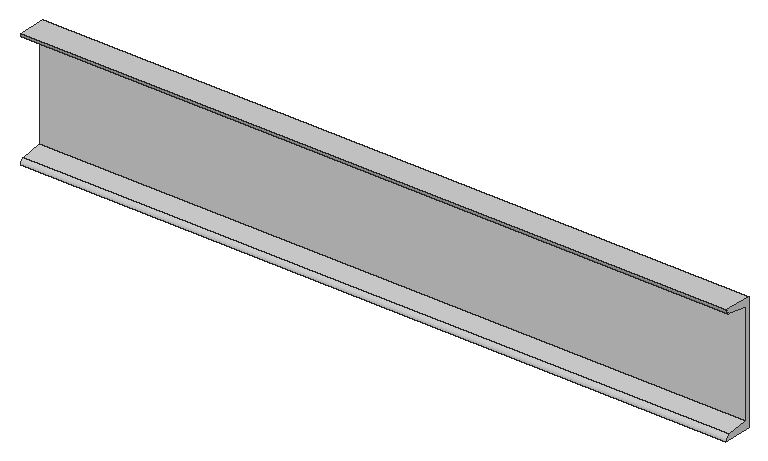
Revit family
Parameters (values of type "MC8X8.5")
  Start Extension Calculation [instance] = 10' 0 1/2" + Start Extension  # 10' - 0"
  Start Extension [instance] = -0' - 0 1/2"
  End Extension Calculation [instance] = 10' 0 1/2" + End Extension  # 10' - 0"
  End Extension [instance] = -0' - 0 1/2"
  Beam Material [instance] = Metal - Steel - ASTM A36
  A = 2.50 in²
  Assembly Code = "B10"
  Length [instance] = 5' - 0"
  W = 8.5
  bf = 0' - 1 223/256"
  d = 0' - 8"
  tf = 0' - 0 5/16"
  tw = 0' - 0 23/128"
  x = 0' - 0 55/128"
Reference planes (in)
  plane 1 "Center (Front/Back)": y = 0
  plane 2: z = 0
  plane 3 "Center (Left/Right)": x = 0.1815
  plane 4 "Member Left": x = -23.8185
  plane 5 "Member Right": x = 24.1815
  plane 6: y = 0.42969
  plane 7: y = -1.44141
  plane 8 "Top": z = 4
  plane 9: z = -4
  plane 10 "Left": x = -29.8185
  plane 11 "Right": x = 30.1815
  plane 12: x = -23.8185
  plane 13: x = 24.1815
  plane 14: x = 96.1815
  plane 15: x = -95.8185
Forms (in)
  Sweep 1, solid, material "Metal - Steel - ASTM A36" <- "Beam Material", detail levels fine
    path origin (0, 0, 0) x (1, 0, 0) y (0, 1, 0)
      loop
        line (24.1815, 0) -> (-23.8185, 0)
    profile "MC-Channel-Profile-Fine : MC-Channel-Profile-Fine" origin (0.1815, 0, 0) x (0, -1, 0) y (0, 0, 1)
      loop
        line (-0.42969, -4) -> (1.44141, -4)
        arc (1.44141, -4) -> (1.34988, -3.77903) -> (1.12891, -3.6875) r 0.3125
        line (1.12891, -3.6875) -> (-0.25, -3.4691) -> (-0.25, 3.4691) -> (1.12891, 3.6875)
        arc (1.12891, 3.6875) -> (1.34988, 3.77903) -> (1.44141, 4) r 0.3125
        line (1.44141, 4) -> (-0.42969, 4) -> (-0.42969, -4)
  Sweep 2, solid, material "Metal - Steel - ASTM A36" <- "Beam Material", detail levels medium
    path origin (0, 0, 0) x (1, 0, 0) y (0, 1, 0)
      loop
        line (24.1815, 0) -> (-23.8185, 0)
    profile "MC-Channel-Profile-Medium : MC-Channel-Profile-Medium" origin (0.1815, 0, 0) x (0, -1, 0) y (0, 0, 1)
      loop
        line (-0.42969, -4) -> (1.44141, -4) -> (1.44141, -3.6875) -> (-0.25, -3.41961) -> (-0.25, 3.41961) -> (1.44141, 3.6875) -> (1.44141, 4) -> (-0.42969, 4) -> (-0.42969, -4)
Lines and regions (in)
  symbolic lines, style "Hidden Faces", detail levels medium+fine
    curve 1: line (-23.8185, 0.25, 0) -> (24.1815, 0.25, 0)
    curve 2: line (-23.8185, 0.6875, 3.46972) -> (24.1815, 0.6875, 3.46972)
    curve 3: line (-23.8185, 0.6875, -3.46972) -> (24.1815, 0.6875, -3.46972)
  symbolic lines, style "Stick Symbols", detail levels coarse
    curve 4: line (0.1815, 0.42969, -4) -> (0.1815, 0.42969, 4)
    curve 5: line (0.1815, 0.42969, 4) -> (0.1815, -1.44141, 4)
    curve 6: line (0.1815, -1.44141, -4) -> (0.1815, 0.42969, -4)
Dimensions and locks (in)
  "bf": plane 6 to plane 7
  "d": plane 9 to plane 8 "Top"
  "x": plane 6 to plane 1 "Center (Front/Back)"
  equal spacing: plane 9, plane 2, plane 8 "Top"
  "Length": plane 10 "Left" to plane 11 "Right"
  "tw": curve 1 to plane 6
  locked: plane 4 "Member Left" to plane 14 at 120
  locked: plane 15 to plane 5 "Member Right" at 120
  "End Extension Calculation": plane 15 to plane 13
  "Start Extension Calculation": plane 12 to plane 14
  aligned and locked: Sweep 2 sketch curve to plane 1 "Center (Front/Back)"
  aligned and locked: Sweep 1 sketch curve to plane 1 "Center (Front/Back)"
  aligned and locked: curve 4 to Sweep 2
  aligned and locked: curve 5 to Sweep 2
  aligned and locked: Sweep 2 to curve 6
  aligned and locked: curve 6 to Sweep 2
  aligned and locked: Sweep 2 to curve 5
  aligned and locked: plane 12 to Sweep 2 sketch curve
  aligned and locked: plane 13 to Sweep 2 sketch curve
  aligned and locked: plane 12 to Sweep 1 sketch curve
  aligned and locked: plane 13 to Sweep 1 sketch curve
  aligned and locked: plane 12 to Sweep 1
  aligned and locked: plane 13 to curve 1
Automatic sketch dimensions
  curve 3 to plane 4 "Member Left" = 0' - 0"
  curve 2 to plane 4 "Member Left" = 0' - 0"
  curve 3 to plane 5 "Member Right" = 0' - 0"
  curve 2 to plane 5 "Member Right" = 0' - 0"
  curve 3 to plane 9 = 0' - 0.53028"
  plane 8 "Top" to curve 2 = 0' - 0.53028"
  curve 1 to plane 12 = 0' - 0"
